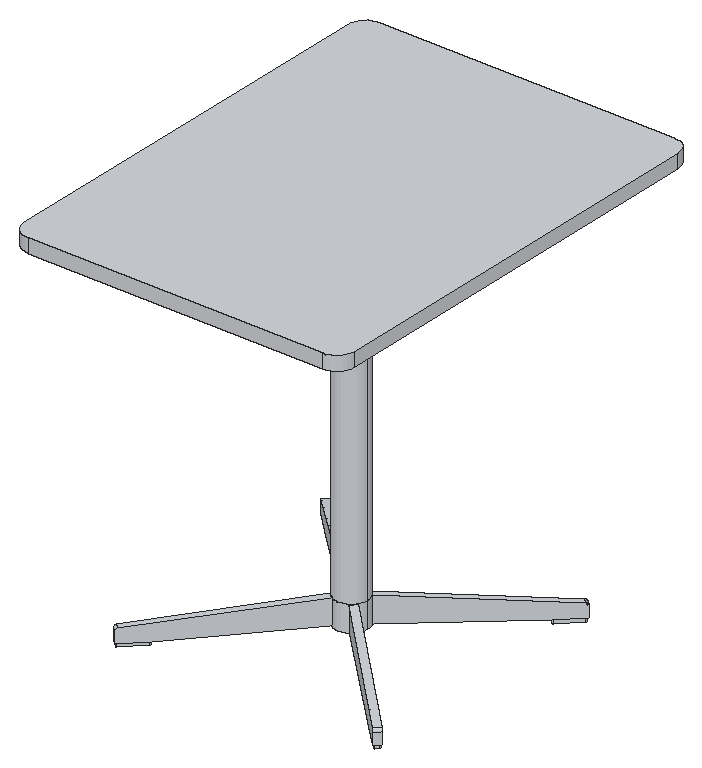
Revit family "Keilhauer_Pact_Table_77432", category Furniture, Revit 2017
Family settings
  OmniClass Number = 23.40.70.14.64.11
  OmniClass Title = Office Furniture
  Work Plane-Based = No
  Always vertical = Yes
  Cut with Voids When Loaded = No
  Shared = No
  Room Calculation Point = No
Parameters (values of type "24 x 32 rectangular")
  Type = 1
  Length = if(Type = 1, 12.000", if(Type = 2, 14.000", 28.000"))  # 12.000"
  Column [instance] = none
  Base 2 = Type = 3  # no
  Base 1 = not(Type = 3)  # yes
  Base [instance] = none
  Glides [instance] = none
  URL = "http://www.keilhauer.com/"
  Product Documentation Link = "http://www.keilhauer.com/"
  Model = "77432"
  Manufacturer = "Keilhauer, Corp."  # constant formula
  Description = "24 x 32 rectangular conference table"
  Copyright © = "© 2021 Keilhauer, Corp."  # constant formula
  Catalog = "Pact"  # constant formula
  Table Top [instance] = none
  Authoring Version = "Autodesk Revit 2015"  # constant formula
  Assembly Code = "E2020200"
Types (3): name | Type | Length | Base 2 | Base 1 | Model | Description
  56 x 32 rectangular | 3 | 28.000" | yes | no | "77434" | "56 x 32 rectangular conference table"
  28 x 32 square | 2 | 14.000" | no | yes | "77433" | "28 x 32 square conference table"
  24 x 32 rectangular | 1 | 12.000" | no | yes | "77432" | "24 x 32 rectangular conference table"
Reference planes (in)
  plane 1 "Center (Front/Back)": y = 0
  plane 2: z = 0
  plane 3 "Center (Left/Right)": x = 0
  plane 4 "Top": z = 28.0201
  plane 5 "Base": z = 0.25
Forms (in)
  Extrusion 1, solid, material <- "Table Top"
    sketch origin (0, 0, 28.0201) x (0, 1, 0) y (-1, 0, 0)
      loop
        arc (16, 10.7) -> (15.61924, 11.61924) -> (14.7, 12) r 1.3
        line (14.7, 12) -> (-14.7, 12)
        arc (-14.7, 12) -> (-15.61924, 11.61924) -> (-16, 10.7) r 1.3
        line (-16, 10.7) -> (-16, -10.7)
        arc (-16, -10.7) -> (-15.61924, -11.61924) -> (-14.7, -12) r 1.3
        line (-14.7, -12) -> (14.7, -12)
        arc (14.7, -12) -> (15.61924, -11.61924) -> (16, -10.7) r 1.3
        line (16, -10.7) -> (16, 10.7)
    from 0 to 1
Lines and regions (in)
  Masking region 1
    outline origin (0, 0, 0) x (1, 0, 0) y (0, 1, 0)
      loop
        line (-12, 14.7) -> (-12, -14.7)
        arc (-12, -14.7) -> (-11.61924, -15.61924) -> (-10.7, -16) r 1.3
        line (-10.7, -16) -> (10.7, -16)
        arc (10.7, -16) -> (11.61924, -15.61924) -> (12, -14.7) r 1.3
        line (12, -14.7) -> (12, 14.7)
        arc (12, 14.7) -> (11.61924, 15.61924) -> (10.7, 16) r 1.3
        line (10.7, 16) -> (-10.7, 16)
        arc (-10.7, 16) -> (-11.61924, 15.61924) -> (-12, 14.7) r 1.3
Dimensions and locks (in)
  locked: Extrusion 1 sketch curve to Extrusion 1 sketch curve at 1.3  (x8)
  equal spacing: Extrusion 1 sketch curve, plane 3 "Center (Left/Right)", Extrusion 1 sketch curve
  "Length": plane 3 "Center (Left/Right)" to Extrusion 1 sketch curve
  aligned and locked: nested 1 to plane 3 "Center (Left/Right)"
  aligned and locked: plane 1 "Center (Front/Back)" to nested 1
  aligned and locked: Extrusion 1 to plane 4 "Top"
  aligned and locked: Masking region 1 sketch curve to Extrusion 1  (x4)
Automatic sketch dimensions
  plane 1 "Center (Front/Back)" to Extrusion 1 sketch curve = 16.000"
  Extrusion 1 sketch curve to plane 1 "Center (Front/Back)" = 14.700"
Nested families (in)
  nested 1: "Furniture_Tag" at (0, 0, 0), type "Center", detail levels fine
    with Offset (LR) 0.000"
  nested 2: "Keilhauer_Pact_Table_Column" at (0, 0, 0), Base <- "Base", Glides <- "Glides", Column <- "Column", Base 2 <- "Base 2", Base 1 <- "Base 1", type "Keilhauer_Pact_Table_Column"
    with Glides none, Column none, Base 2 no, Base 1 yes, Base none
Definition of nested family "Keilhauer_Pact_Table_Column"
  Parameters (values of type "Keilhauer_Pact_Table_Column")
    Base 2 [instance] = yes
    Base 1 [instance] = yes
    Base [instance] = none
    Glides [instance] = none
    URL = "http://www.keilhauer.com/"
    Product Documentation Link = "http://www.keilhauer.com/"
    Model = "Type Catalog"
    Manufacturer = "Keilhauer, Corp."  # constant formula
    Description = "Type Catalog"
    Copyright © = "© 2021 Keilhauer, Corp."  # constant formula
    Catalog = "Pact"  # constant formula
    Column [instance] = none
    Authoring Version = "Autodesk Revit 2015"  # constant formula
    Assembly Code = "E2020200"
  Reference planes (in)
    plane 1 "Center (Front/Back)": y = 0
    plane 2: z = 0
    plane 3 "Center (Left/Right)": x = 0
  Forms (in)
    Extrusion 1, solid, material <- "Column", visible <- "Base 1"
      sketch origin (0, 0, 28.0201) x (0, 1, 0) y (-1, 0, 0)
        loop
          line (6, 6) -> (-6, 6) -> (-6, -6) -> (6, -6) -> (6, 6)
      from 0 to -0.25
    Extrusion 2, solid, material <- "Column", visible <- "Base 1"
      sketch origin (0, 0, 28.0201) x (0, 1, 0) y (-1, 0, 0)
        loop
          circle (0, 0) r 1.18422
      from 0 to -25.5
    Extrusion 3, solid, material <- "Base", visible <- "Base 1"
      sketch origin (0, 0, 0) x (-0.707107, 0.707107, 0) y (0, 0, 1)
        loop
          line (1.23723, 0.6451) -> (11.44223, 0.25) -> (13.54223, 0.25) -> (13.54223, 1.06168)
          arc (13.54223, 1.06168) -> (13.49073, 1.19566) -> (13.36274, 1.26063) r 0.2
          line (13.36274, 1.26063) -> (1.14189, 2.5201) -> (-1.14189, 2.5201) -> (-13.36274, 1.26063)
          arc (-13.36274, 1.26063) -> (-13.49073, 1.19566) -> (-13.54223, 1.06168) r 0.2
          line (-13.54223, 1.06168) -> (-13.54223, 0.25) -> (-11.44223, 0.25) -> (-1.23723, 0.6451) -> (1.23723, 0.6451)
      from -0.25 to 0.25
    Extrusion 4, solid, material <- "Base", visible <- "Base 1"
      sketch origin (0, 0, 0) x (0.707107, 0.707107, 0) y (0, 0, -1)
        loop
          line (1.23723, -0.6451) -> (-1.23723, -0.6451) -> (-11.44223, -0.25) -> (-13.54223, -0.25) -> (-13.54223, -1.06168)
          arc (-13.54223, -1.06168) -> (-13.49073, -1.19566) -> (-13.36274, -1.26063) r 0.2
          line (-13.36274, -1.26063) -> (-1.14189, -2.5201) -> (1.14189, -2.5201) -> (13.36274, -1.26063)
          arc (13.36274, -1.26063) -> (13.49073, -1.19566) -> (13.54223, -1.06168) r 0.2
          line (13.54223, -1.06168) -> (13.54223, -0.25) -> (11.44223, -0.25) -> (1.23723, -0.6451)
      from -0.25 to 0.25
    Extrusion 5, solid, material <- "Glides", visible <- "Base 1"
      sketch origin (0, 0, 0) x (1, 0, 0) y (0, 1, 0)
        loop
          arc (-9.35496, 9.62151) -> (-9.39747, 9.63936) -> (-9.44009, 9.62179) r 0.06
          line (-9.44009, 9.62179) -> (-9.62179, 9.44009)
          arc (-9.62179, 9.44009) -> (-9.63936, 9.39747) -> (-9.62151, 9.35496) r 0.06
          line (-9.62151, 9.35496) -> (-8.29952, 8.02203)
          arc (-8.29952, 8.02203) -> (-8.25715, 8.00428) -> (-8.21463, 8.02167) r 0.06004
          line (-8.21463, 8.02167) -> (-8.03387, 8.20087)
          arc (-8.03387, 8.20087) -> (-8.01688, 8.24167) -> (-8.0336, 8.2826) r 0.05798
          line (-8.0336, 8.2826) -> (-9.35496, 9.62151)
        loop
          line (9.35496, 9.62151) -> (8.0336, 8.2826)
          arc (8.0336, 8.2826) -> (8.01688, 8.24167) -> (8.03387, 8.20087) r 0.05798
          line (8.03387, 8.20087) -> (8.21463, 8.02167)
          arc (8.21463, 8.02167) -> (8.25715, 8.00428) -> (8.29952, 8.02203) r 0.06004
          line (8.29952, 8.02203) -> (9.62151, 9.35496)
          arc (9.62151, 9.35496) -> (9.63936, 9.39747) -> (9.62179, 9.44009) r 0.06
          line (9.62179, 9.44009) -> (9.44009, 9.62179)
          arc (9.44009, 9.62179) -> (9.39747, 9.63936) -> (9.35496, 9.62151) r 0.06
        loop
          line (-9.35496, -9.62151) -> (-8.0336, -8.2826)
          arc (-8.0336, -8.2826) -> (-8.01688, -8.24167) -> (-8.03387, -8.20087) r 0.05798
          line (-8.03387, -8.20087) -> (-8.21463, -8.02167)
          arc (-8.21463, -8.02167) -> (-8.25715, -8.00428) -> (-8.29952, -8.02203) r 0.06004
          line (-8.29952, -8.02203) -> (-9.62151, -9.35496)
          arc (-9.62151, -9.35496) -> (-9.63936, -9.39747) -> (-9.62179, -9.44009) r 0.06
          line (-9.62179, -9.44009) -> (-9.44009, -9.62179)
          arc (-9.44009, -9.62179) -> (-9.39747, -9.63936) -> (-9.35496, -9.62151) r 0.06
        loop
          arc (9.35496, -9.62151) -> (9.39747, -9.63936) -> (9.44009, -9.62179) r 0.06
          line (9.44009, -9.62179) -> (9.62179, -9.44009)
          arc (9.62179, -9.44009) -> (9.63936, -9.39747) -> (9.62151, -9.35496) r 0.06
          line (9.62151, -9.35496) -> (8.29952, -8.02203)
          arc (8.29952, -8.02203) -> (8.25715, -8.00428) -> (8.21463, -8.02167) r 0.06004
          line (8.21463, -8.02167) -> (8.03387, -8.20087)
          arc (8.03387, -8.20087) -> (8.01688, -8.24167) -> (8.0336, -8.2826) r 0.05798
          line (8.0336, -8.2826) -> (9.35496, -9.62151)
      from 0 to 0.25
    Extrusion 6, solid, material <- "Base", visible <- "Base 1"
      sketch origin (0, 0, 2.5201) x (0, 1, 0) y (-1, 0, 0)
        loop
          circle (0, 0) r 1.18863
      from 0 to -1.875
    Extrusion 7, solid, material <- "Base", visible <- "Base 2"
      sketch origin (11.463, 0, 0) x (0.573576, 0.819152, 0) y (0, 0, -1)
        loop
          line (1.23723, -0.6451) -> (0, -0.6451) -> (0, -2.5201) -> (1.14189, -2.5201) -> (13.36274, -1.26063)
          arc (13.36274, -1.26063) -> (13.49073, -1.19566) -> (13.54223, -1.06168) r 0.2
          line (13.54223, -1.06168) -> (13.54223, -0.25) -> (11.44223, -0.25) -> (1.23723, -0.6451)
      from -0.25 to 0.25
    Extrusion 8, solid, material <- "Glides", visible <- "Base 2"
      sketch origin (11.463, 0, 0) x (0.984808, 0.173648, 0) y (-0.173648, 0.984808, 0)
        loop
          line (9.35496, 9.62151) -> (8.0336, 8.2826)
          arc (8.0336, 8.2826) -> (8.01688, 8.24167) -> (8.03387, 8.20087) r 0.05798
          line (8.03387, 8.20087) -> (8.21463, 8.02167)
          arc (8.21463, 8.02167) -> (8.25715, 8.00428) -> (8.29952, 8.02203) r 0.06004
          line (8.29952, 8.02203) -> (9.62151, 9.35496)
          arc (9.62151, 9.35496) -> (9.63936, 9.39747) -> (9.62179, 9.44009) r 0.06
          line (9.62179, 9.44009) -> (9.44009, 9.62179)
          arc (9.44009, 9.62179) -> (9.39747, 9.63936) -> (9.35496, 9.62151) r 0.06
        loop
          arc (5.50004, -12.24084) -> (5.53388, -12.27216) -> (5.57994, -12.27022) r 0.06
          line (5.57994, -12.27022) -> (5.81282, -12.16163)
          arc (5.81282, -12.16163) -> (5.84391, -12.12759) -> (5.84167, -12.08154) r 0.06
          line (5.84167, -12.08154) -> (5.0553, -10.37685)
          arc (5.0553, -10.37685) -> (5.02156, -10.34567) -> (4.97565, -10.34748) r 0.06004
          line (4.97565, -10.34748) -> (4.7445, -10.45404)
          arc (4.7445, -10.45404) -> (4.71459, -10.48658) -> (4.7163, -10.53075) r 0.05798
          line (4.7163, -10.53075) -> (5.50004, -12.24084)
      from 0 to 0.25
    Extrusion 9, solid, material <- "Base", visible <- "Base 2"
      sketch origin (11.463, 0, 0) x (0.573576, -0.819152, 0) y (0, 0, 1)
        loop
          line (1.23723, 0.6451) -> (11.44223, 0.25) -> (13.54223, 0.25) -> (13.54223, 1.06168)
          arc (13.54223, 1.06168) -> (13.49073, 1.19566) -> (13.36274, 1.26063) r 0.2
          line (13.36274, 1.26063) -> (1.14189, 2.5201) -> (0, 2.5201) -> (0, 0.6451) -> (1.23723, 0.6451)
      from -0.25 to 0.25
    Extrusion 10, solid, material <- "Base", visible <- "Base 2"
      sketch origin (11.463, 0, 2.5201) x (0, 1, 0) y (-1, 0, 0)
        loop
          circle (0, 0) r 1.18863
      from 0 to -1.875
    Extrusion 11, solid, material <- "Column", visible <- "Base 2"
      sketch origin (11.463, 0, 28.0201) x (0, 1, 0) y (-1, 0, 0)
        loop
          line (6, 6) -> (-6, 6) -> (-6, -6) -> (6, -6) -> (6, 6)
      from 0 to -0.25
    Extrusion 12, solid, material <- "Column", visible <- "Base 2"
      sketch origin (11.463, 0, 28.0201) x (0, 1, 0) y (-1, 0, 0)
        loop
          circle (0, 0) r 1.18422
      from 0 to -25.5
    Extrusion 13, solid, material <- "Base", visible <- "Base 2"
      sketch origin (-11.463, 0, 0) x (-0.573576, 0.819152, 0) y (0, 0, 1)
        loop
          line (1.23723, 0.6451) -> (11.44223, 0.25) -> (13.54223, 0.25) -> (13.54223, 1.06168)
          arc (13.54223, 1.06168) -> (13.49073, 1.19566) -> (13.36274, 1.26063) r 0.2
          line (13.36274, 1.26063) -> (1.14189, 2.5201) -> (0, 2.5201) -> (0, 0.6451) -> (1.23723, 0.6451)
      from -0.25 to 0.25
    Extrusion 14, solid, material <- "Glides", visible <- "Base 2"
      sketch origin (-11.463, 0, 0) x (-0.984808, 0.173648, 0) y (-0.173648, -0.984808, 0)
        loop
          arc (9.35496, -9.62151) -> (9.39747, -9.63936) -> (9.44009, -9.62179) r 0.06
          line (9.44009, -9.62179) -> (9.62179, -9.44009)
          arc (9.62179, -9.44009) -> (9.63936, -9.39747) -> (9.62151, -9.35496) r 0.06
          line (9.62151, -9.35496) -> (8.29952, -8.02203)
          arc (8.29952, -8.02203) -> (8.25715, -8.00428) -> (8.21463, -8.02167) r 0.06004
          line (8.21463, -8.02167) -> (8.03387, -8.20087)
          arc (8.03387, -8.20087) -> (8.01688, -8.24167) -> (8.0336, -8.2826) r 0.05798
          line (8.0336, -8.2826) -> (9.35496, -9.62151)
        loop
          line (5.50004, 12.24084) -> (4.7163, 10.53075)
          arc (4.7163, 10.53075) -> (4.71459, 10.48658) -> (4.7445, 10.45404) r 0.05798
          line (4.7445, 10.45404) -> (4.97565, 10.34748)
          arc (4.97565, 10.34748) -> (5.02156, 10.34567) -> (5.0553, 10.37685) r 0.06004
          line (5.0553, 10.37685) -> (5.84167, 12.08154)
          arc (5.84167, 12.08154) -> (5.84391, 12.12759) -> (5.81282, 12.16163) r 0.06
          line (5.81282, 12.16163) -> (5.57994, 12.27022)
          arc (5.57994, 12.27022) -> (5.53388, 12.27216) -> (5.50004, 12.24084) r 0.06
      from 0 to 0.25
    Extrusion 15, solid, material <- "Base", visible <- "Base 2"
      sketch origin (-11.463, 0, 0) x (-0.573576, -0.819152, 0) y (0, 0, -1)
        loop
          line (1.23723, -0.6451) -> (0, -0.6451) -> (0, -2.5201) -> (1.14189, -2.5201) -> (13.36274, -1.26063)
          arc (13.36274, -1.26063) -> (13.49073, -1.19566) -> (13.54223, -1.06168) r 0.2
          line (13.54223, -1.06168) -> (13.54223, -0.25) -> (11.44223, -0.25) -> (1.23723, -0.6451)
      from -0.25 to 0.25
    Extrusion 16, solid, material <- "Base", visible <- "Base 2"
      sketch origin (-11.463, 0, 2.5201) x (0, 1, 0) y (-1, 0, 0)
        loop
          circle (0, 0) r 1.18863
      from 0 to -1.875
    Extrusion 17, solid, material <- "Column", visible <- "Base 2"
      sketch origin (-11.463, 0, 28.0201) x (0, 1, 0) y (-1, 0, 0)
        loop
          line (6, -6) -> (6, 6) -> (-6, 6) -> (-6, -6) -> (6, -6)
      from 0 to -0.25
    Extrusion 18, solid, material <- "Column", visible <- "Base 2"
      sketch origin (-11.463, 0, 28.0201) x (0, 1, 0) y (-1, 0, 0)
        loop
          circle (0, 0) r 1.18422
      from 0 to -25.5
    Extrusion 19, solid, material <- "Base", visible <- "Base 2"
      sketch origin (0, 0, 0) x (0, -1, 0) y (0, 0, 1)
        loop
          line (-0.25, 2.5201) -> (-0.25, 0.6451) -> (0.25, 0.6451) -> (0.25, 2.5201) -> (-0.25, 2.5201)
      from -11.463 to 11.463
  Cuts and joins
    joined: Extrusion 3, Extrusion 4
    joined: Extrusion 7, Extrusion 9
    joined: Extrusion 11, Extrusion 12
    joined: Extrusion 1, Extrusion 2
    joined: Extrusion 10, Extrusion 16, Extrusion 19
    joined: Extrusion 17, Extrusion 18
  Dimensions and locks (in)
    aligned and locked: level to Extrusion 5
Definition of nested family "Furniture_Tag"
  Parameters
    P_Width = 0.000"
    Text_Width = "Empty"
    Text_Height = "Empty"
    Text_Diameter = "Empty"
    Text_Depth = "Empty"
    Offset (LR) [instance] = 0.000"
    Model Name = "Type Catalog"
    P_Height = 0.000"
    Distance of Center (not Change) = 0.000"
    P_Diameter = 0.000"
    P_Depth = 0.000"
  Reference planes (in)
    plane 1: y = 0
    plane 2: x = 0
  Lines and regions (in)
    reference lines
      curve 1: line (-0.44359, 0, 0) -> (0.41085, 0, 0)
      curve 3: line (0, 0.32564, 0) -> (0, -0.40221, 0)
    reference lines, not visible
      curve 2: line (-0.44359, 0.09843, 0) -> (0.41085, 0.09843, 0)
      curve 4: line (0, 0.42407, 0) -> (0, -0.30379, 0)
  Text (in)
    label "Empty" at (0.00197, -0.0079, 0), shows "Model Name"
    label "Empty" at (0.00197, 0.09052, 0), shows "Model Name", not visible
  Dimensions and locks (in)
    "Distance of Center (not Change)": plane 1 to curve 1
    "Offset (LR)": curve 3 to plane 2
  Automatic sketch dimensions
    curve 1 to curve 3 = 0.44359"
    curve 3 to curve 1 = 0.41085"
    curve 3 to curve 1 = 0.40221"
    curve 1 to curve 3 = 0.32564"
    curve 2 to curve 4 = 0.44359"
    curve 4 to curve 2 = 0.41085"
    curve 4 to curve 2 = 0.40221"
    curve 2 to curve 4 = 0.32564"
